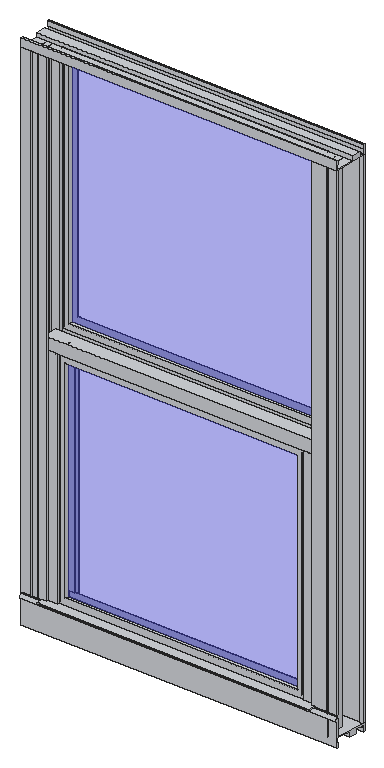
Revit family "4410_Single Hung Contemporary", category Windows, host Wall, Revit 2023
Family settings
  Host = Wall
  OmniClass Number = 23.30.20.00
  OmniClass Title = Windows
  Always vertical = Yes
  Cut with Voids When Loaded = No
  Shared = No
  Room Calculation Point = No
Parameters
  Vent Width = Width - 0' 5"  # 2' - 7"
  Vent Opening [instance] = 0' - 0"
  Vent Height = (Keep Rail Mid - 0' 0 11/16")  # 2' - 4 17/64"
  Keep Rail Mid = (Height - 0' 2 3/32") / 2  # 2' - 4 61/64"
  Height = 5' - 0"
  Glass Material = Glass
  Frame Material = none
  Depth From Exterior = 0' - 1"
  Default Sill Height = 3' - 0"
  Wall Closure = By host
  Width = 3' - 0"
Reference planes (in)
  plane 1 "Center (Front/Back)": y = 0
  plane 2: z = 0
  plane 3 "Center (Left/Right)": x = 0
  plane 4 "Left": x = -18
  plane 5 "Right": x = 18
  plane 6 "Sill": z = 36
  plane 7 "Top": z = 96
  plane 8: y = 2
  plane 9: y = -2
  plane 10: y = 3
  plane 11: y = 2
  plane 12: y = -2
  plane 13: y = 2
  plane 14: y = -1.9425
  plane 15: y = 2
  plane 16: y = -1.9425
  plane 17: y = 1.73
  plane 18: y = 1.73
  plane 19: y = -0.098
  plane 20: y = -1.815
  plane 21: y = -2
  plane 22: x = 18
  plane 23: y = -1.815
  plane 24: y = -2
  plane 25: x = -18
  plane 26: y = 1.73
  plane 27: y = 1.668
  plane 28: x = 14.375
  plane 29: x = 15.125
  plane 30: x = -15.125
  plane 31: x = 15.125
  plane 32: x = -15.125
  plane 33: x = -14.375
  plane 34: y = -0.04
  plane 35: y = -0.04
  plane 36: y = 1.35458
  plane 37: y = 0.278
  plane 38: y = 0.65599
  plane 39: y = 0.278
  plane 40: z = 39.35032
  plane 41: z = 39.35032
  plane 42: y = -0.098
  plane 43: y = -0.17093
  plane 44: y = -0.17093
  plane 45: z = 64.95313
  plane 46: z = 67.06013
  plane 47: y = 1.668
  plane 48: y = 0.668
Forms (in)
  Sweep 1, solid
    path origin (0, 0, 0) x (1, 0, 0) y (0, 0, 1)
      loop
        line (-18, 36) -> (18, 36)
    profile origin (0, 0, 36) x (0, 0, 1) y (0, -1, 0)
      loop
        line (3.35032, 1.93) -> (3.35032, 2) -> (3.25535, 2) -> (2.82032, 2.15834) -> (2.86275, 2) -> (0, 2) -> (0, 1.815) -> (0.434, 1.815) -> (0.434, 1.905) -> (1.02817, 1.905) -> (1.01924, 1.803) -> (0.98503, 1.803) -> (0.98503, 1.40236) -> (0.97984, 1.35262) -> (0.8769, 0.176) -> (0.3477, 0.176) -> (0.3477, -0.682) -> (0.80183, -0.682) -> (0.73893, -1.401) -> (0.70751, -1.401) -> (0.70751, -1.76016) -> (0.69483, -1.905) -> (0.434, -1.905) -> (0.434, -1.815) -> (0, -1.815) -> (0, -2) -> (0.812, -2) -> (1.15102, 1.875) -> (2.86019, 1.875) -> (2.88519, 1.85) -> (2.965, 1.85) -> (2.965, 1.93) -> (3.35032, 1.93)
  Sweep 2, solid
    path origin (0, 0, 0) x (1, 0, 0) y (0, 0, 1)
      loop
        line (18, 96) -> (-18, 96)
    profile origin (0, 0, 96) x (0, 0, -1) y (0, -1, 0)
      loop
        line (0, -2) -> (1, -2) -> (1, -0.529) -> (1, 2) -> (0, 2) -> (0, 1.815) -> (0.434, 1.815) -> (0.434, 1.938) -> (0.938, 1.938) -> (0.938, -0.296) -> (0.501, -0.296) -> (0.501, -1.351) -> (0.938, -1.351) -> (0.938, -1.938) -> (0.434, -1.938) -> (0.434, -1.815) -> (0, -1.815) -> (0, -2)
  Sweep 3, solid
    path origin (0, 0, 0) x (1, 0, 0) y (0, 0, 1)
      loop
        line (18, 95) -> (18, 36.812)
    profile origin (18, 0, 65.906) x (0, -1, 0) y (1, 0, 0)
      loop
        line (-2, 0) -> (-2, -2.875) -> (0.04, -2.875) -> (0.04, -1.837) -> (0.241, -1.837)
        arc (0.241, -1.837) -> (0.2885, -1.7895) -> (0.241, -1.742) r 0.0475
        line (0.241, -1.742) -> (0.04, -1.742) -> (0.04, -1.125) -> (1.85, -1.125) -> (1.85, -1.742) -> (1.649, -1.742)
        arc (1.649, -1.742) -> (1.6015, -1.7895) -> (1.649, -1.837) r 0.0475
        line (1.649, -1.837) -> (1.85, -1.837) -> (1.85, -2.875) -> (1.9425, -2.875) -> (1.9425, -1.0325) -> (1.85, -1.0325) -> (-0.0525, -1.0325) -> (-0.0525, -2.7825) -> (-0.278, -2.7825) -> (-0.278, -2.376) -> (-1.351, -2.376) -> (-1.351, -2.7825) -> (-1.9075, -2.7825) -> (-1.9075, -0.434) -> (-1.815, -0.434) -> (-1.815, 0) -> (-2, 0)
  Sweep 4, solid
    path origin (0, 0, 0) x (1, 0, 0) y (0, 0, 1)
      loop
        line (-18, 95) -> (-18, 36.812)
    profile origin (-18, 0, 65.906) x (0, -1, 0) y (1, 0, 0)
      loop
        line (-2, 0) -> (-1.815, 0) -> (-1.815, 0.434) -> (-1.9075, 0.434) -> (-1.9075, 2.7825) -> (-1.351, 2.7825) -> (-1.351, 2.376) -> (-0.278, 2.376) -> (-0.278, 2.7825) -> (-0.0525, 2.7825) -> (-0.0525, 1.0325) -> (1.9425, 1.0325) -> (1.9425, 2.875) -> (1.85, 2.875) -> (1.85, 1.837) -> (1.649, 1.837)
        arc (1.649, 1.837) -> (1.6015, 1.7895) -> (1.649, 1.742) r 0.0475
        line (1.649, 1.742) -> (1.85, 1.742) -> (1.85, 1.125) -> (0.04, 1.125) -> (0.04, 1.742) -> (0.241, 1.742)
        arc (0.241, 1.742) -> (0.2885, 1.7895) -> (0.241, 1.837) r 0.0475
        line (0.241, 1.837) -> (0.04, 1.837) -> (0.04, 2.875) -> (-2, 2.875) -> (-2, 0)
  Sweep 5, solid
    path origin (0, 0, 0) x (1, 0, 0) y (0, 0, 1)
      loop
        line (15.125, 66.31013) -> (-15.125, 66.31013)
    profile origin (0, 0, 66.31013) x (0, 0, -1) y (0, -1, 0)
      loop
        line (1.357, -1.73) -> (1.357, -1.167) -> (1.826, -1.167)
        arc (1.826, -1.167) -> (1.857, -1.136) -> (1.826, -1.105) r 0.031
        line (1.826, -1.105) -> (1.357, -1.105) -> (1.357, 0.098) -> (0.931, 0.098) -> (0.931, 0.015) -> (1.295, 0.015) -> (1.295, -0.12) -> (0.905, -0.12) -> (0.905, -0.727) -> (0.535, -0.727) -> (0.535, -0.27781) -> (0, -0.27781) -> (0, -1.73) -> (1.357, -1.73)
  Sweep 6, solid
    path origin (0, 0.11843, 0) x (0, 1, 0) y (0, 0, 1)
      loop
        line (-1.97346, 95) -> (-1.97346, 39.35032)
    profile origin (0, -1.85502, 67.17516) x (1, 0, 0) y (0, 1, 0)
      loop
        line (16.875, -0.14498) -> (18, -0.14498) -> (18, 0.04002) -> (17.566, 0.04002) -> (17.566, -0.05248) -> (16.9675, -0.05248) -> (16.9675, -0.08748) -> (16.875, -0.08748) -> (16.875, -0.14498)
  Sweep 7, solid
    path origin (0, 0, 0) x (0, 1, 0) y (0, 0, 1)
      loop
        line (-1.96855, 39.35032) -> (-1.96855, 95)
    profile origin (0, -1.96855, 67.17516) x (0, -1, 0) y (1, 0, 0)
      loop
        line (0.03145, -18) -> (0.03145, -16.875) -> (-0.02605, -16.875) -> (-0.02605, -16.9675) -> (-0.06105, -16.9675) -> (-0.06105, -17.566) -> (-0.15355, -17.566) -> (-0.15355, -18) -> (0.03145, -18)
  Sweep 8, solid
    path origin (0, 0, 0) x (1, 0, 0) y (0, 0, 1)
      loop
        line (15.125, 66.31013) -> (15.125, 95.062) -> (-15.2175, 95.062) -> (-15.2175, 66.31013) -> (15.125, 66.31013)
    profile origin (-0.04625, 0, 66.31013) x (0, 0, -1) y (0, -1, 0)
      loop
        line (0, -1.668) -> (-0.75, -1.668) -> (-0.75, -1.73) -> (0, -1.73) -> (0, -1.668)
  Sweep 9, solid
    path origin (0, 0, 0) x (0, 1, 0) y (0, 0, 1)
      loop
        line (1.73, 64.95313) -> (1.73, 36.812)
    profile origin (0, 1.73, 50.88256) x (1, 0, 0) y (0, 1, 0)
      loop
        line (14.375, 0) -> (14.375, -0.0925) -> (15.125, -0.0925) -> (15.125, 0) -> (14.375, 0)
  Sweep 10, solid
    path origin (0, 0, 0) x (0, 1, 0) y (0, 0, 1)
      loop
        line (1.73, 36.812) -> (1.73, 64.95313)
    profile origin (0, 1.73, 50.88256) x (0, -1, 0) y (1, 0, 0)
      loop
        line (0, -15.125) -> (0.0925, -15.125) -> (0.0925, -14.375) -> (0, -14.375) -> (0, -15.125)
  Sweep 11, solid
    path origin (0, 0, 0) x (1, 0, 0) y (0, 0, 1)
      loop
        line (15.125, 36.812) -> (-14.375, 36.812)
    profile origin (0.375, 0, 36.812) x (0, 0, -1) y (0, -1, 0)
      loop
        line (-1.58468, 0.04) -> (-1.58468, -0.04) -> (-1.13268, -0.04) -> (-1.13268, -0.239)
        arc (-1.13268, -0.239) -> (-1.02796, -0.54519) -> (-0.75768, -0.72312) r 0.5
        line (-0.75768, -0.72312) -> (-0.75768, -1.136)
        arc (-0.75768, -1.136) -> (-0.7486, -1.15792) -> (-0.72668, -1.167) r 0.031
        line (-0.72668, -1.167) -> (-0.63268, -1.167) -> (-0.63268, -1.315) -> (-0.63268, -1.35458) -> (-0.55268, -1.35458) -> (-0.55268, -1.315) -> (-0.55268, -1.118)
        arc (-0.55268, -1.118) -> (-0.56176, -1.09608) -> (-0.58368, -1.087) r 0.031
        line (-0.58368, -1.087) -> (-0.67768, -1.087) -> (-0.67768, -0.739) -> (-0.376, -0.739) -> (-0.376, -0.927) -> (0, -0.927) -> (0, -0.572) -> (-0.175, -0.572) -> (-0.175, -0.659) -> (-0.63268, -0.659)
        arc (-0.63268, -0.659) -> (-0.92966, -0.53598) -> (-1.05268, -0.239) r 0.42
        line (-1.05268, -0.239) -> (-1.05268, 0.009)
        arc (-1.05268, 0.009) -> (-1.06176, 0.03092) -> (-1.08368, 0.04) r 0.031
        line (-1.08368, 0.04) -> (-1.58468, 0.04)
  Sweep 12, solid
    path origin (0, 0, 0) x (1, 0, 0) y (0, 0, 1)
      loop
        line (-15.125, 66.31013) -> (15.125, 66.31013) -> (15.125, 95.062) -> (-15.125, 95.062) -> (-15.125, 66.31013)
    profile origin (0, 0, 66.31013) x (0, 0, 1) y (0, -1, 0)
      loop
        line (0, -0.278) -> (0, -0.426) -> (0.031, -0.426)
        arc (0.031, -0.426) -> (0.05292, -0.41692) -> (0.062, -0.395) r 0.031
        line (0.062, -0.395) -> (0.062, -0.34) -> (0.31404, -0.34) -> (0.31404, -0.65599) -> (0.75, -0.65599) -> (0.75, -0.278) -> (0, -0.278)
  Sweep 13, solid, material "Glass" <- "Glass Material"
    path origin (0, 0, 0) x (0, 1, 0) y (0, 0, 1)
      loop
        line (1.07387, 66.31013) -> (1.07387, 95)
    profile origin (0, 1.07387, 80.65506) x (0, -1, 0) y (1, 0, 0)
      loop
        line (-0.59413, -15.125) -> (-0.34413, -15.125) -> (-0.34413, 15.125) -> (-0.59413, 15.125) -> (-0.59413, -15.125)
      loop
        line (0.15587, -15.125) -> (0.40587, -15.125) -> (0.40587, 15.125) -> (0.15587, 15.125) -> (0.15587, -15.125)
Lines and regions (in)
  Opening 1
    outline origin (-60, -3, 0) x (1, 0, 0) y (0, 0, 1)
      loop
        line (42, 96) -> (42, 36) -> (78, 36) -> (78, 96) -> (42, 96)
Text (in)
  text "EXTERIOR" at (-58.6888, 50.90694, 0), in view "Ref. Level"
  text "INTERIOR" at (-58.6888, -37.76638, 0), in view "Ref. Level"
  text "Exterior" at (0, 43.65631, 123.19604), in view "Left"
  text "Exterior" at (0, 18.29385, 125.04747), in view "Right"
Dimensions and locks (in)
  equal spacing: plane 4 "Left", plane 3 "Center (Left/Right)", plane 5 "Right"
  "Height": plane 6 "Sill" to plane 7 "Top"
  "Default Sill Height": plane 2 to plane 6 "Sill"
  locked: plane 8 to plane 9 at 4
  locked: plane 11 to plane 12 at 4
  locked: plane 13 to plane 14 at 3.9425
  locked: plane 16 to plane 15 at 3.9425
  locked: plane 15 to plane 17 at 0.27
  locked: plane 18 to plane 19 at 1.828
  locked: plane 20 to plane 21 at 0.185
  locked: plane 24 to plane 23 at 0.185
  locked: plane 26 to plane 27 at 0.062
  locked: plane 28 to plane 29 at 0.75
  locked: plane 31 to plane 22 at 2.875
  locked: plane 25 to plane 30 at 2.875
  locked: plane 32 to plane 33 at 0.75
  "Width": plane 22 to plane 25
  "Depth From Exterior": plane 10 to plane 15
  locked: plane 15 to plane 34 at 2.04
  locked: plane 36 to plane 35 at 1.39458
  locked: plane 15 to plane 37 at 1.722
  locked: plane 38 to plane 39 at 0.37799
  "Vent Opening": plane 40 to plane 41
  locked: plane 41 to plane 6 "Sill" at 3.35032
  locked: plane 42 to plane 43 at 0.07293
  locked: plane 45 to plane 46 at 2.107
  "Keep Rail Mid": plane 6 "Sill" to plane 45
  locked: plane 47 to plane 48 at 1
  aligned and locked: plane 7 "Top" to Opening 1 sketch curve
  aligned and locked: plane 6 "Sill" to Opening 1 sketch curve  (x2)
  aligned and locked: plane 5 "Right" to Opening 1 sketch curve
  aligned and locked: plane 4 "Left" to Opening 1 sketch curve
  aligned and locked: level to plane 2
  aligned and locked: plane 4 "Left" to Sweep 1 sketch curve
  aligned and locked: plane 5 "Right" to Sweep 1 sketch curve
  aligned and locked: plane 6 "Sill" to Sweep 1 sketch curve
  aligned and locked: plane 8 to Sweep 1
  aligned and locked: plane 9 to Sweep 1
  aligned and locked: plane 10 to host wall
  aligned and locked: plane 5 "Right" to Sweep 2 sketch curve
  aligned and locked: plane 4 "Left" to Sweep 2 sketch curve
  aligned and locked: plane 7 "Top" to Sweep 2 sketch curve
  aligned and locked: plane 11 to Sweep 2
  aligned and locked: plane 12 to Sweep 2
  aligned and locked: plane 8 to plane 11
  aligned and locked: Sweep 1 to Sweep 3 sketch curve
  aligned and locked: Sweep 3 sketch curve to plane 5 "Right"
  aligned and locked: plane 13 to Sweep 3
  aligned and locked: plane 14 to Sweep 3
  aligned and locked: plane 13 to plane 8
  aligned and locked: Sweep 3 sketch curve to Sweep 2
  aligned and locked: Sweep 1 to Sweep 4 sketch curve
  aligned and locked: Sweep 2 to Sweep 4 sketch curve
  aligned and locked: Sweep 4 sketch curve to plane 4 "Left"
  aligned and locked: plane 15 to Sweep 4
  aligned and locked: plane 16 to Sweep 4
  aligned and locked: plane 8 to plane 15
  aligned and locked: Sweep 3 to Sweep 5 sketch curve
  aligned and locked: Sweep 4 to Sweep 5 sketch curve
  aligned and locked: plane 18 to Sweep 5
  aligned and locked: plane 19 to Sweep 5
  aligned and locked: plane 17 to plane 18
  aligned and locked: Sweep 1 to Sweep 6 sketch curve
  aligned and locked: Sweep 2 to Sweep 6 sketch curve
  aligned and locked: plane 22 to Sweep 6
  aligned and locked: Sweep 6 to plane 20
  aligned and locked: plane 21 to Sweep 6
  aligned and locked: plane 22 to plane 5 "Right"
  aligned and locked: plane 21 to plane 9
  aligned and locked: Sweep 2 to Sweep 7 sketch curve
  aligned and locked: Sweep 1 to Sweep 7 sketch curve
  aligned and locked: plane 23 to Sweep 7
  aligned and locked: plane 24 to Sweep 7
  aligned and locked: plane 25 to Sweep 7
  aligned and locked: plane 25 to plane 4 "Left"
  aligned and locked: plane 9 to plane 24
  aligned and locked: Sweep 8 sketch curve to Sweep 5
  aligned and locked: Sweep 8 sketch curve to Sweep 3
  aligned and locked: Sweep 2 to Sweep 8 sketch curve
  aligned and locked: Sweep 4 to Sweep 8 sketch curve
  aligned and locked: plane 26 to Sweep 8
  aligned and locked: plane 27 to Sweep 8
  aligned and locked: plane 18 to plane 26
  aligned and locked: Sweep 4 to Sweep 9 sketch curve
  aligned and locked: Sweep 5 to Sweep 9 sketch curve
  aligned and locked: Sweep 9 sketch curve to plane 18
  aligned and locked: plane 28 to Sweep 9
  aligned and locked: plane 29 to Sweep 9
  aligned and locked: plane 30 to Sweep 4
  aligned and locked: plane 31 to Sweep 3
  aligned and locked: plane 31 to plane 29
  aligned and locked: Sweep 5 to Sweep 10 sketch curve
  aligned and locked: Sweep 4 to Sweep 10 sketch curve
  aligned and locked: plane 17 to Sweep 10 sketch curve
  aligned and locked: plane 32 to Sweep 10
  aligned and locked: plane 33 to Sweep 10
  aligned and locked: plane 30 to plane 32
  aligned and locked: plane 31 to Sweep 11 sketch curve
  aligned and locked: plane 33 to Sweep 11 sketch curve
  aligned and locked: Sweep 1 to Sweep 11 sketch curve
  aligned and locked: plane 35 to Sweep 11
  aligned and locked: plane 36 to Sweep 11
  aligned and locked: plane 34 to plane 35
  aligned and locked: Sweep 12 sketch curve to Sweep 5
  aligned and locked: Sweep 12 sketch curve to Sweep 4
  aligned and locked: Sweep 2 to Sweep 12 sketch curve
  aligned and locked: Sweep 12 sketch curve to Sweep 3
  aligned and locked: Sweep 4 to plane 37
  aligned and locked: plane 38 to Sweep 12
  aligned and locked: Sweep 12 to plane 39
  aligned and locked: plane 37 to plane 39
  aligned and locked: plane 41 to Sweep 7
  aligned and locked: plane 42 to Sweep 5
  aligned and locked: plane 44 to nested 1
  aligned and locked: plane 43 to plane 44
  aligned and locked: nested 1 to plane 40
  aligned and locked: plane 45 to Sweep 5
  aligned and locked: plane 46 to Sweep 8
  aligned and locked: Sweep 2 to Sweep 13 sketch curve
  aligned and locked: Sweep 5 to Sweep 13 sketch curve
  aligned and locked: Sweep 13 sketch curve to plane 32  (x2)
  aligned and locked: plane 31 to Sweep 13 sketch curve  (x2)
  aligned and locked: plane 47 to Sweep 13
  aligned and locked: plane 48 to Sweep 13
  aligned and locked: plane 27 to plane 47
Automatic sketch dimensions
  Sweep 1 sketch curve to profile plane = 0' - 0"
  Sweep 1 sketch curve to Sweep 1 sketch curve = 0' - 0"
  Sweep 1 sketch curve to Sweep 1 sketch curve = 0' - 0.3477"
  Sweep 1 sketch curve to Sweep 1 sketch curve = 0' - 0.434"  (x2)
  Sweep 1 sketch curve to Sweep 1 sketch curve = 0' - 0.26083"
  Sweep 1 sketch curve to Sweep 1 sketch curve = 0' - 0.27351"
  Sweep 1 sketch curve to Sweep 1 sketch curve = 0' - 0.03142"
  Sweep 1 sketch curve to Sweep 1 sketch curve = 0' - 0.45413"
  Sweep 1 sketch curve to Sweep 1 sketch curve = 0' - 0.11717"
  Sweep 1 sketch curve to Sweep 1 sketch curve = 0' - 0.5292"
  Sweep 1 sketch curve to Sweep 1 sketch curve = 0' - 0.54584"
  Sweep 1 sketch curve to Sweep 1 sketch curve = 0' - 0.0052"
  Sweep 1 sketch curve to Sweep 1 sketch curve = 0' - 0.03421"
  Sweep 1 sketch curve to Sweep 1 sketch curve = 0' - 0.00892"
  Sweep 1 sketch curve to Sweep 1 sketch curve = 0' - 0.12285"
  Sweep 1 sketch curve to Sweep 1 sketch curve = 0' - 1.66931"
  Sweep 1 sketch curve to Sweep 1 sketch curve = 0' - 0.03987"
  Sweep 1 sketch curve to Sweep 1 sketch curve = 0' - 0.00256"
  Sweep 1 sketch curve to Sweep 1 sketch curve = 0' - 0.025"
  Sweep 1 sketch curve to Sweep 1 sketch curve = 0' - 0.07981"
  Sweep 1 sketch curve to Sweep 1 sketch curve = 0' - 0.29035"
  Sweep 1 sketch curve to Sweep 1 sketch curve = 0' - 0.09497"
  Sweep 1 sketch curve to plane 1 "Center (Front/Back)" = 0' - 2"
  Sweep 1 sketch curve to Sweep 1 sketch curve = 0' - 0.095"
  Sweep 1 sketch curve to Sweep 1 sketch curve = 0' - 0.09"
  Sweep 1 sketch curve to Sweep 1 sketch curve = 0' - 0.14484"
  Sweep 1 sketch curve to Sweep 1 sketch curve = 0' - 0.35916"
  Sweep 1 sketch curve to Sweep 1 sketch curve = 0' - 0.719"
  Sweep 1 sketch curve to Sweep 1 sketch curve = 0' - 0.858"
  Sweep 1 sketch curve to Sweep 1 sketch curve = 0' - 1.17662"
  Sweep 1 sketch curve to Sweep 1 sketch curve = 0' - 0.04974"
  Sweep 1 sketch curve to Sweep 1 sketch curve = 0' - 0.40064"
  Sweep 1 sketch curve to Sweep 1 sketch curve = 0' - 0.012"
  Sweep 1 sketch curve to Sweep 1 sketch curve = 0' - 0.047"
  Sweep 1 sketch curve to Sweep 1 sketch curve = 0' - 0.072"
  Sweep 1 sketch curve to Sweep 1 sketch curve = 0' - 0.102"
  Sweep 1 sketch curve to Sweep 1 sketch curve = 0' - 0.185"
  Sweep 1 sketch curve to Sweep 1 sketch curve = 0' - 0.15"
  Sweep 1 sketch curve to Sweep 1 sketch curve = 0' - 0.15834"
  Sweep 1 sketch curve to Sweep 1 sketch curve = 0' - 0.08"
  Sweep 2 sketch curve to profile plane = 0' - 0"
  Sweep 2 sketch curve to Sweep 2 sketch curve = 0' - 0.434"  (x3)
  Sweep 2 sketch curve to Sweep 2 sketch curve = 0' - 0.067"
  Sweep 2 sketch curve to Sweep 2 sketch curve = 0' - 0.437"  (x2)
  Sweep 2 sketch curve to Sweep 2 sketch curve = 0' - 0.062"  (x3)
  Sweep 2 sketch curve to plane 1 "Center (Front/Back)" = 0' - 2"
  Sweep 2 sketch curve to Sweep 2 sketch curve = 0' - 0.123"  (x2)
  Sweep 2 sketch curve to Sweep 2 sketch curve = 0' - 0.587"
  Sweep 2 sketch curve to Sweep 2 sketch curve = 0' - 0.822"
  Sweep 2 sketch curve to Sweep 2 sketch curve = 0' - 0.233"
  Sweep 2 sketch curve to Sweep 2 sketch curve = 0' - 2.111"
  Sweep 3 sketch curve to profile plane = 0' - 0"
  profile plane to Sweep 3 sketch curve = 0' - 2 7/8"
  Sweep 3 sketch curve to plane 1 "Center (Front/Back)" = 0' - 2"
  Sweep 3 sketch curve to Sweep 3 sketch curve = 0' - 0.0925"  (x5)
  Sweep 3 sketch curve to Sweep 3 sketch curve = 0' - 0.185"
  Sweep 3 sketch curve to Sweep 3 sketch curve = 0' - 0.5565"
  Sweep 3 sketch curve to Sweep 3 sketch curve = 0' - 1.073"
  Sweep 3 sketch curve to Sweep 3 sketch curve = 0' - 0.2255"
  Sweep 3 sketch curve to Sweep 3 sketch curve = 0' - 0.318"
  Sweep 3 sketch curve to Sweep 3 sketch curve = 0' - 0.201"  (x2)
  Sweep 3 sketch curve to Sweep 3 sketch curve = 0' - 1.408"
  Sweep 3 sketch curve to Sweep 3 sketch curve = 0' - 0"  (x4)
  Sweep 3 sketch curve to Sweep 3 sketch curve = 0' - 0.4065"
  Sweep 3 sketch curve to Sweep 3 sketch curve = 0' - 1.038"
  Sweep 3 sketch curve to Sweep 3 sketch curve = 0' - 0.539"
  Sweep 3 sketch curve to Sweep 3 sketch curve = 0' - 0.0475"  (x2)
  Sweep 3 sketch curve to Sweep 3 sketch curve = 0' - 0.617"
  profile plane to Sweep 3 sketch curve = 0' - 0.434"
  Sweep 4 sketch curve to Sweep 4 sketch curve = 0' - 0.0925"  (x6)
  Sweep 4 sketch curve to Sweep 4 sketch curve = 0' - 0.185"
  Sweep 4 sketch curve to Sweep 4 sketch curve = 0' - 0.5565"
  Sweep 4 sketch curve to Sweep 4 sketch curve = 0' - 1.073"
  Sweep 4 sketch curve to Sweep 4 sketch curve = 0' - 0.2255"
  Sweep 4 sketch curve to Sweep 4 sketch curve = 0' - 0.201"  (x2)
  Sweep 4 sketch curve to Sweep 4 sketch curve = 0' - 1.408"
  Sweep 4 sketch curve to Sweep 4 sketch curve = 0' - 0"
  Sweep 4 sketch curve to profile plane = 0' - 0"
  Sweep 4 sketch curve to Sweep 4 sketch curve = 0' - 0.434"
  Sweep 4 sketch curve to Sweep 4 sketch curve = 0' - 0.5985"
  Sweep 4 sketch curve to Sweep 4 sketch curve = 0' - 0.617"  (x2)
  Sweep 4 sketch curve to Sweep 4 sketch curve = 0' - 0.0475"  (x2)
  Sweep 4 sketch curve to Sweep 4 sketch curve = 0' - 0.539"
  Sweep 4 sketch curve to Sweep 4 sketch curve = 0' - 0.4065"  (x2)
  Sweep 4 sketch curve to Sweep 4 sketch curve = 0' - 1.038"
  Sweep 4 sketch curve to plane 1 "Center (Front/Back)" = 0' - 2"
  plane 7 "Top" to Sweep 5 sketch curve = 2' - 5.68987"
  Sweep 6 sketch curve to plane 9 = 0' - 0.14498"
  plane 3 "Center (Left/Right)" to Sweep 6 sketch curve = 1' - 4 7/8"
  Sweep 6 sketch curve to Sweep 6 sketch curve = 0' - 0.691"
  Sweep 6 sketch curve to Sweep 6 sketch curve = 0' - 0.434"
  profile plane to Sweep 6 sketch curve = 0' - 0.14498"
  Sweep 6 sketch curve to Sweep 6 sketch curve = 0' - 0.0575"
  Sweep 6 sketch curve to Sweep 6 sketch curve = 0' - 0.0925"  (x2)
  Sweep 6 sketch curve to Sweep 6 sketch curve = 0' - 0.185"
  Sweep 7 sketch curve to plane 14 = 0' - 0.02605"
  profile plane to Sweep 7 sketch curve = 0' - 0.15355"
  Sweep 7 sketch curve to Sweep 7 sketch curve = 0' - 0.0925"  (x2)
  Sweep 7 sketch curve to Sweep 7 sketch curve = 0' - 0.035"
  Sweep 7 sketch curve to Sweep 7 sketch curve = 0' - 0.0575"
  Sweep 7 sketch curve to plane 3 "Center (Left/Right)" = 1' - 6"
  Sweep 7 sketch curve to Sweep 7 sketch curve = 0' - 0.434"
  Sweep 7 sketch curve to Sweep 7 sketch curve = 0' - 0.5985"
  profile plane to Sweep 8 sketch curve = 0' - 0 3/4"
  Sweep 8 sketch curve to Sweep 8 sketch curve = 0' - 0 3/4"
  Sweep 8 sketch curve to plane 1 "Center (Front/Back)" = 0' - 1.73"
  Sweep 8 sketch curve to Sweep 8 sketch curve = 0' - 0.062"
  Sweep 5 sketch curve to profile plane = 0' - 0"
  Sweep 5 sketch curve to profile plane = 0' - 0.535"
  Sweep 5 sketch curve to Sweep 5 sketch curve = 0' - 0.37"
  Sweep 5 sketch curve to Sweep 5 sketch curve = 0' - 0.026"
  Sweep 5 sketch curve to Sweep 5 sketch curve = 0' - 0.364"
  Sweep 5 sketch curve to Sweep 5 sketch curve = 0' - 0.469"
  Sweep 5 sketch curve to plane 1 "Center (Front/Back)" = 0' - 1.73"
  Sweep 5 sketch curve to Sweep 5 sketch curve = 0' - 0.563"
  Sweep 5 sketch curve to Sweep 5 sketch curve = 0' - 0.031"
  Sweep 5 sketch curve to Sweep 5 sketch curve = 0' - 0.378"
  Sweep 5 sketch curve to Sweep 5 sketch curve = 0' - 0.44919"
  Sweep 5 sketch curve to plane 1 "Center (Front/Back)" = 0' - 0.12"
  Sweep 5 sketch curve to Sweep 5 sketch curve = 0' - 0.135"
  Sweep 5 sketch curve to Sweep 5 sketch curve = 0' - 0.083"
  Sweep 5 sketch curve to Sweep 5 sketch curve = 0' - 0.062"
  Sweep 5 sketch curve to Sweep 5 sketch curve = 0' - 0"
  plane 3 "Center (Left/Right)" to Sweep 9 sketch curve = 1' - 2 3/8"
  Sweep 9 sketch curve to Sweep 9 sketch curve = 0' - 0 3/4"
  profile plane to Sweep 9 sketch curve = 0' - 0.0925"
  Sweep 9 sketch curve to Sweep 9 sketch curve = 0' - 0.0925"
  profile plane to Sweep 10 sketch curve = 0' - 0"
  Sweep 10 sketch curve to Sweep 10 sketch curve = 0' - 0.0925"
  Sweep 10 sketch curve to plane 3 "Center (Left/Right)" = 1' - 3 1/8"
  Sweep 10 sketch curve to Sweep 10 sketch curve = 0' - 0 3/4"
  Sweep 11 sketch curve to Sweep 11 sketch curve = 0' - 0"  (x3)
  Sweep 11 sketch curve to profile plane = 0' - 0"
  profile plane to Sweep 11 sketch curve = 0' - 0.175"
  Sweep 11 sketch curve to Sweep 11 sketch curve = 0' - 0.201"
  Sweep 11 sketch curve to Sweep 11 sketch curve = 0' - 0.17668"
  Sweep 11 sketch curve to Sweep 11 sketch curve = 0' - 0.031"  (x3)
  Sweep 11 sketch curve to Sweep 11 sketch curve = 0' - 0.25668"
  Sweep 11 sketch curve to Sweep 11 sketch curve = 0' - 0.045"
  Sweep 11 sketch curve to Sweep 11 sketch curve = 0' - 0.049"  (x4)
  Sweep 11 sketch curve to Sweep 11 sketch curve = 0' - 0.42"
  Sweep 11 sketch curve to Sweep 11 sketch curve = 0' - 0.452"
  Sweep 11 sketch curve to plane 1 "Center (Front/Back)" = 0' - 1.35458"
  Sweep 11 sketch curve to Sweep 11 sketch curve = 0' - 0.03958"  (x2)
  Sweep 11 sketch curve to Sweep 11 sketch curve = 0' - 0.148"
  Sweep 11 sketch curve to Sweep 11 sketch curve = 0' - 0.191"
  Sweep 11 sketch curve to Sweep 11 sketch curve = 0' - 0.348"
  Sweep 11 sketch curve to Sweep 11 sketch curve = 0' - 0.01588"
  Sweep 11 sketch curve to Sweep 11 sketch curve = 0' - 0.087"
  Sweep 11 sketch curve to Sweep 11 sketch curve = 0' - 0.199"
  Sweep 11 sketch curve to Sweep 11 sketch curve = 0' - 0.174"
  profile plane to Sweep 12 sketch curve = 0' - 0"
  Sweep 12 sketch curve to Sweep 12 sketch curve = 0' - 0.031"  (x2)
  Sweep 12 sketch curve to Sweep 12 sketch curve = 0' - 0.25204"
  Sweep 12 sketch curve to Sweep 12 sketch curve = 0' - 0.43596"
  Sweep 12 sketch curve to plane 1 "Center (Front/Back)" = 0' - 0.65599"
  Sweep 12 sketch curve to Sweep 12 sketch curve = 0' - 0.26099"
  Sweep 12 sketch curve to Sweep 12 sketch curve = 0' - 0.055"
  Sweep 12 sketch curve to Sweep 12 sketch curve = 0' - 0.37799"
  plane 36 to Sweep 13 sketch curve = 0' - 0.28071"
  profile plane to Sweep 13 sketch curve = 0' - 0.59413"
  Sweep 13 sketch curve to Sweep 13 sketch curve = 0' - 0 1/4"  (x2)
  Sweep 13 sketch curve to Sweep 13 sketch curve = 0' - 0 3/4"
Nested families (in)
  nested 1: "4410_Single Hung Vent" at (0, -0.71581, 29.42171), type "4410_Single Hung Vent"
    with Vent Width 2' - 7", Vent Height 2' - 4 17/64"
Definition of nested family "4410_Single Hung Vent"
  Parameters (values of type "4410_Single Hung Vent")
    Vent Width = 3' - 0"
    Vent Height = 2' - 0"
    Vent Glass Material = none
    Vent Frame Material = none
    Default Elevation = 4' - 0"
  Reference planes (in)
    plane 1 "Center (Front/Back)": y = 0
    plane 2: z = 0
    plane 3 "Center (Left/Right)": x = 0
    plane 4: y = -1.04012
    plane 5: x = -18
    plane 6: x = 18
    plane 7: y = 0.56988
    plane 8: y = 0.60988
    plane 9: y = 0.79988
    plane 10: y = 0.56988
    plane 11: y = -1.04012
    plane 12: y = 0.60988
    plane 13: y = 0.45488
    plane 14: y = 0.54488
    plane 15: y = 0.48288
    plane 16: y = 0.54488
    plane 17: y = -1.04012
    plane 18: x = 15.777
    plane 19: x = 16.527
    plane 20: x = 16.527
    plane 21: y = 0.54488
    plane 22: x = -18
    plane 23: x = 18
    plane 24: z = 36.89923
    plane 25: z = 12.89923
    plane 26: y = -0.88512
    plane 27: y = -0.51212
    plane 28: y = -0.88512
    plane 29: x = 16.933
    plane 30: y = 0.54488
    plane 31: y = -1.04012
    plane 32: x = -16.527
    plane 33: x = -18
    plane 34: y = 0.54488
    plane 35: y = 0.48288
    plane 36: x = -15.777
    plane 37: x = -16.527
    plane 38: x = -16.527
    plane 39: x = -18
    plane 40: y = 0.60988
    plane 41: y = 0.45488
    plane 42: y = 0.54488
    plane 43: y = 0.48788
    plane 44: y = -0.51212
  Forms (in)
    Sweep 1, solid
      path origin (0, 0, 0.00084) x (1, 0, 0) y (0, 0, 1)
        loop
          line (-18, 12.8984) -> (18, 12.8984)
      profile origin (0, 0, 12.89923) x (0, 0, 1) y (0, -1, 0)
        loop
          line (0, -0.60988) -> (1.375, -0.60988) -> (1.375, -0.56988) -> (2.125, -0.56988) -> (2.125, -0.50788) -> (1.375, -0.50788) -> (1.375, 2.13212)
          arc (1.375, 2.13212) -> (1.335, 2.17212) -> (1.295, 2.13212) r 0.04
          line (1.295, 2.13212) -> (1.295, 1.04012) -> (0, 1.04012) -> (0, 0.37112) -> (0.85035, 0.37112) -> (0.85035, 0.62419) -> (1.134, 0.62419) -> (1.134, -0.52988) -> (0.47035, -0.52988) -> (0.47035, -0.44179) -> (0, -0.44179) -> (0, -0.60988)
    Sweep 2, solid
      path origin (0, 0, 0) x (1, 0, 0) y (0, 0, 1)
        loop
          line (-18, 36.89923) -> (18, 36.89923)
      profile origin (0, 0, 36.89923) x (0, 0, 1) y (0, -1, 0)
        loop
          line (-2.125, -0.56988) -> (-0.925, -0.56988) -> (-0.925, -0.71988) -> (-1.29324, -0.71988) -> (-1.29324, -0.79988) -> (-0.845, -0.79988) -> (-0.845, -0.48988) -> (-1.29324, -0.48988) -> (-1.29324, -0.21293) -> (-0.845, -0.21293) -> (-0.845, -0.00288) -> (-0.47, -0.00288) -> (-0.47, -0.60988) -> (0, -0.60988) -> (0, 1.04012) -> (-1.375, 1.04012) -> (-1.375, -0.50788) -> (-2.125, -0.50788) -> (-2.125, -0.56988)
    Sweep 3, solid
      path origin (0, 1.66189, 0) x (0, 1, 0) y (0, 0, 1)
        loop
          line (0.5893, 14.27423) -> (0.5893, 35.97423)
      profile origin (0, 2.25118, 25.12423) x (0, -1, 0) y (1, 0, 0)
        loop
          line (1.64131, 16.527) -> (1.70631, 16.527) -> (1.70631, 17.486) -> (1.79631, 17.486) -> (1.79631, 18) -> (1.64131, 18) -> (1.64131, 16.527)
    Sweep 4, solid
      path origin (0, 0, 0) x (0, 1, 0) y (0, 0, 1)
        loop
          line (0.51554, 15.02423) -> (0.51554, 34.77423)
      profile origin (0, 0.51554, 24.89923) x (0, -1, 0) y (1, 0, 0)
        loop
          line (-0.02934, 15.777) -> (0.03266, 15.777) -> (0.03266, 16.527) -> (-0.02934, 16.527) -> (-0.02934, 15.777)
    Sweep 5, solid
      path origin (0, 0, 0) x (0, 1, 0) y (0, 0, 1)
        loop
          line (0.17825, 14.27423) -> (0.17825, 35.52423)
      profile origin (0, 0.17825, 24.89923) x (0, -1, 0) y (1, 0, 0)
        loop
          line (-0.36662, 16.607) -> (-0.36662, 16.527) -> (-0.23662, 16.527) -> (-0.23662, 16.592) -> (-0.19362, 16.592) -> (-0.19362, 16.853) -> (0.05038, 16.853) -> (0.05038, 16.527) -> (0.80938, 16.527) -> (1.21838, 16.527) -> (1.21838, 18) -> (1.06338, 18) -> (1.06338, 17.486) -> (1.15338, 17.486) -> (1.15338, 16.607) -> (1.10338, 16.607) -> (1.10338, 16.672) -> (1.06338, 16.672) -> (1.06338, 16.933) -> (-0.27362, 16.933) -> (-0.27362, 16.672) -> (-0.31662, 16.672) -> (-0.31662, 16.607) -> (-0.36662, 16.607)
    Sweep 6, solid
      path origin (0, 0, 0) x (1, 0, 0) y (0, 0, 1)
        loop
          line (-16.527, 14.27423) -> (16.527, 14.27423) -> (16.527, 35.52423) -> (-16.527, 35.52423) -> (-16.527, 14.27423)
      profile origin (0, 0, 14.27423) x (0, 0, 1) y (0, -1, 0)
        loop
          line (0.75, 0.88512) -> (0, 0.88512) -> (0, 0.74212) -> (0.031, 0.74212)
          arc (0.031, 0.74212) -> (0.05292, 0.7512) -> (0.062, 0.77312) r 0.031
          line (0.062, 0.77312) -> (0.062, 0.82812) -> (0.3135, 0.82812) -> (0.3135, 0.51212) -> (0.75, 0.51212) -> (0.75, 0.88512)
    Sweep 7, solid
      path origin (0, -0.83328, 0) x (0, 1, 0) y (0, 0, 1)
        loop
          line (0.5911, 14.27423) -> (0.5911, 35.97423)
      profile origin (0, -0.24218, 25.12423) x (0, -1, 0) y (1, 0, 0)
        loop
          line (-0.85206, -16.527) -> (-0.85206, -18) -> (-0.69706, -18) -> (-0.69706, -17.486) -> (-0.78706, -17.486) -> (-0.78706, -16.527) -> (-0.85206, -16.527)
    Sweep 8, solid
      path origin (0, 0, 0) x (0, 1, 0) y (0, 0, 1)
        loop
          line (0.51774, 15.02423) -> (0.51774, 34.77423)
      profile origin (0, 0.51774, 24.89923) x (0, -1, 0) y (1, 0, 0)
        loop
          line (-0.02713, -16.527) -> (0.03487, -16.527) -> (0.03487, -15.777) -> (-0.02713, -15.777) -> (-0.02713, -16.527)
    Sweep 9, solid
      path origin (0, -0.962, 0) x (0, 1, 0) y (0, 0, 1)
        loop
          line (2.55534, 14.27423) -> (2.55534, 35.52423)
      profile origin (0, 1.59333, 24.89923) x (0, -1, 0) y (1, 0, 0)
        loop
          line (1.04846, -16.607) -> (1.09846, -16.607) -> (1.09846, -16.672) -> (1.14146, -16.672) -> (1.14146, -16.933) -> (2.47546, -16.933) -> (2.47546, -16.672) -> (2.51846, -16.672) -> (2.51846, -16.607) -> (2.56846, -16.607) -> (2.56846, -17.486) -> (2.47846, -17.486) -> (2.47846, -18) -> (2.63346, -18) -> (2.63346, -16.527) -> (1.46546, -16.527) -> (1.46546, -16.853) -> (1.22146, -16.853) -> (1.22146, -16.592) -> (1.17846, -16.592) -> (1.17846, -16.527) -> (1.04846, -16.527) -> (1.04846, -16.607)
    Sweep 10, solid, material <- "Vent Glass Material"
      path origin (0, 0, 0) x (0, 1, 0) y (0, 0, 1)
        loop
          line (-0.2629, 14.27423) -> (-0.2629, 35.52423)
      profile origin (0, -0.2629, 24.89923) x (0, -1, 0) y (1, 0, 0)
        loop
          line (-0.75077, -16.527) -> (-0.50077, -16.527) -> (-0.50077, 16.527) -> (-0.75077, 16.527) -> (-0.75077, -16.527)
        loop
          line (-0.00077, -16.527) -> (0.24923, -16.527) -> (0.24923, 16.527) -> (-0.00077, 16.527) -> (-0.00077, -16.527)
  Cuts and joins
    joined: Sweep 3, Sweep 4, Sweep 5
  Dimensions and locks (in)
    "Vent Width": plane 6 to plane 5
    equal spacing: plane 6, plane 3 "Center (Left/Right)", plane 5
    plane 8 to plane 7 to plane 4 = 0' - 0.04" locked, 0' - 1.61" locked
    plane 9 to plane 10 to plane 11 = 0' - 0.23" locked, 0' - 1.61" locked
    plane 12 to plane 21 to plane 13 = 0' - 0.065" locked, 0' - 0.09" locked
    locked: plane 14 to plane 15 at 0.062
    locked: plane 16 to plane 17 at 1.585
    locked: plane 18 to plane 20 at 0.75
    locked: plane 20 to plane 23 at 1.473
    "Vent Height": plane 24 to plane 25
    locked: plane 12 to plane 26 at 1.495
    locked: plane 27 to plane 28 at 0.373
    locked: plane 29 to plane 6 at 1.067
    locked: plane 33 to plane 32 at 1.473
    locked: plane 30 to plane 31 at 1.585
    locked: plane 34 to plane 35 at 0.062
    locked: plane 37 to plane 36 at 0.75
    locked: plane 39 to plane 38 at 1.473
    plane 40 to plane 42 to plane 41 = 0' - 0.065" locked, 0' - 0.09" locked
    locked: plane 43 to plane 44 at 1
    aligned and locked: plane 2 to level
    aligned and locked: plane 4 to Sweep 1
    aligned and locked: plane 5 to Sweep 1 sketch curve
    aligned and locked: plane 6 to Sweep 1 sketch curve
    aligned and locked: plane 5 to Sweep 2 sketch curve
    aligned and locked: plane 6 to Sweep 2 sketch curve
    aligned and locked: plane 7 to Sweep 1
    aligned and locked: plane 8 to Sweep 1
    aligned and locked: plane 11 to Sweep 2
    aligned and locked: plane 10 to Sweep 2
    aligned and locked: plane 9 to Sweep 2
    aligned and locked: plane 7 to plane 10
    aligned and locked: plane 4 to Sweep 2
    aligned and locked: Sweep 3 sketch curve to Sweep 2
    aligned and locked: Sweep 1 to Sweep 3 sketch curve
    aligned and locked: Sweep 2 to Sweep 4 sketch curve
    aligned and locked: Sweep 1 to Sweep 4 sketch curve
    aligned and locked: Sweep 2 to Sweep 5 sketch curve
    aligned and locked: Sweep 1 to Sweep 5 sketch curve
    aligned and locked: plane 12 to Sweep 3
    aligned and locked: plane 13 to Sweep 3
    aligned and locked: plane 14 to Sweep 4
    aligned and locked: plane 15 to Sweep 4
    aligned and locked: plane 16 to Sweep 5
    aligned and locked: plane 17 to Sweep 5
    aligned and locked: plane 21 to Sweep 3
    aligned and locked: Sweep 4 to plane 18
    aligned and locked: Sweep 4 to plane 20
    aligned and locked: plane 16 to plane 21
    aligned and locked: plane 14 to plane 21
    aligned and locked: Sweep 5 to plane 19
    aligned and locked: plane 20 to plane 19
    aligned and locked: plane 20 to Sweep 3
    aligned and locked: plane 5 to plane 22
    aligned and locked: Sweep 3 to plane 23
    aligned and locked: plane 6 to plane 23
    aligned and locked: plane 12 to plane 8
    aligned and locked: plane 24 to Sweep 2
    aligned and locked: plane 25 to Sweep 1
    aligned and locked: Sweep 6 sketch curve to Sweep 1
    aligned and locked: Sweep 6 sketch curve to Sweep 2
    aligned and locked: Sweep 6 sketch curve to Sweep 5
    aligned and locked: Sweep 6 to plane 27
    aligned and locked: plane 28 to Sweep 6
    aligned and locked: plane 28 to plane 26
    aligned and locked: plane 29 to cut or joined group of Sweep 3, Sweep 4, Sweep 5
    aligned and locked: Sweep 2 to Sweep 7 sketch curve
    aligned and locked: Sweep 7 sketch curve to Sweep 1
    aligned and locked: Sweep 2 to Sweep 8 sketch curve
    aligned and locked: Sweep 1 to Sweep 8 sketch curve
    aligned and locked: Sweep 9 sketch curve to Sweep 2
    aligned and locked: Sweep 1 to Sweep 9 sketch curve
    aligned and locked: Sweep 7 to plane 40
    aligned and locked: Sweep 7 to plane 39
    aligned and locked: Sweep 7 to plane 41
    aligned and locked: Sweep 7 to plane 38
    aligned and locked: Sweep 8 to plane 37
    aligned and locked: Sweep 8 to plane 34
    aligned and locked: Sweep 8 to plane 35
    aligned and locked: Sweep 8 to plane 36
    aligned and locked: Sweep 9 to plane 30
    aligned and locked: plane 32 to Sweep 9
    aligned and locked: plane 33 to Sweep 9
    aligned and locked: Sweep 9 to plane 31
    aligned and locked: plane 5 to plane 33
    aligned and locked: plane 31 to plane 11
    aligned and locked: plane 5 to plane 39
    aligned and locked: Sweep 7 to plane 42
    aligned and locked: plane 30 to plane 42
    aligned and locked: plane 34 to plane 30
    aligned and locked: plane 38 to plane 37
    aligned and locked: Sweep 6 sketch curve to plane 38
    aligned and locked: Sweep 2 to Sweep 10 sketch curve
    aligned and locked: Sweep 1 to Sweep 10 sketch curve
    aligned and locked: Sweep 10 sketch curve to Sweep 9  (x2)
    aligned and locked: cut or joined group of Sweep 3, Sweep 4, Sweep 5 to Sweep 10 sketch curve
    aligned and locked: Sweep 10 sketch curve to cut or joined group of Sweep 3, Sweep 4, Sweep 5
    aligned and locked: plane 43 to Sweep 10
    aligned and locked: plane 44 to Sweep 10
    aligned and locked: plane 27 to plane 44
  Automatic sketch dimensions
    Sweep 1 sketch curve to plane 25 = 0' - 0"
    profile plane to Sweep 1 sketch curve = 0' - 0"  (x2)
    Sweep 1 sketch curve to profile plane = 0' - 0.47035"
    Sweep 1 sketch curve to profile plane = 0' - 0.85035"
    Sweep 1 sketch curve to Sweep 1 sketch curve = 0' - 0.28365"
    Sweep 1 sketch curve to Sweep 1 sketch curve = 0' - 0.161"
    Sweep 1 sketch curve to Sweep 1 sketch curve = 0' - 0.04"  (x2)
    Sweep 1 sketch curve to Sweep 1 sketch curve = 0' - 0"
    Sweep 1 sketch curve to Sweep 1 sketch curve = 0' - 0 3/4"
    Sweep 1 sketch curve to plane 1 "Center (Front/Back)" = 0' - 0.60988"
    Sweep 1 sketch curve to plane 1 "Center (Front/Back)" = 0' - 0.56988"
    Sweep 1 sketch curve to Sweep 1 sketch curve = 0' - 0.062"
    Sweep 1 sketch curve to Sweep 1 sketch curve = 0' - 0.08809"
    plane 1 "Center (Front/Back)" to Sweep 1 sketch curve = 0' - 0.37112"
    Sweep 1 sketch curve to Sweep 1 sketch curve = 0' - 0.25307"
    Sweep 1 sketch curve to Sweep 1 sketch curve = 0' - 0.669"
    Sweep 1 sketch curve to Sweep 1 sketch curve = 0' - 1.092"
    Sweep 2 sketch curve to plane 24 = 0' - 0"
    profile plane to Sweep 2 sketch curve = 0' - 0"
    Sweep 2 sketch curve to Sweep 2 sketch curve = 0' - 0.47"
    Sweep 2 sketch curve to plane 1 "Center (Front/Back)" = 0' - 0.21293"
    Sweep 2 sketch curve to Sweep 2 sketch curve = 0' - 0 3/8"
    Sweep 2 sketch curve to Sweep 2 sketch curve = 0' - 0"  (x2)
    Sweep 2 sketch curve to Sweep 2 sketch curve = 0' - 0.08"  (x2)
    Sweep 2 sketch curve to Sweep 2 sketch curve = 0' - 0.44824"
    Sweep 2 sketch curve to Sweep 2 sketch curve = 0' - 0.53"
    Sweep 2 sketch curve to Sweep 2 sketch curve = 0' - 0 3/4"
    Sweep 2 sketch curve to Sweep 2 sketch curve = 0' - 0.27695"
    Sweep 2 sketch curve to Sweep 2 sketch curve = 0' - 0.018"
    Sweep 2 sketch curve to Sweep 2 sketch curve = 0' - 0.062"
    Sweep 2 sketch curve to plane 1 "Center (Front/Back)" = 0' - 0.60988"
    Sweep 2 sketch curve to Sweep 2 sketch curve = 0' - 0.15"
    Sweep 2 sketch curve to plane 1 "Center (Front/Back)" = 0' - 0.00288"
    plane 1 "Center (Front/Back)" to Sweep 2 sketch curve = 0' - 1.04012"
    Sweep 3 sketch curve to plane 9 = 0' - 1.45131"
    Sweep 3 sketch curve to profile plane = 0' - 1.64131"
    Sweep 3 sketch curve to Sweep 3 sketch curve = 0' - 0.065"
    Sweep 3 sketch curve to Sweep 3 sketch curve = 0' - 0.155"
    plane 3 "Center (Left/Right)" to Sweep 3 sketch curve = 1' - 4.527"
    Sweep 3 sketch curve to Sweep 3 sketch curve = 0' - 0.959"
    Sweep 3 sketch curve to Sweep 3 sketch curve = 0' - 0.514"
    Sweep 4 sketch curve to plane 14 = 0' - 0.02934"
    profile plane to Sweep 4 sketch curve = 0' - 0.02934"
    Sweep 4 sketch curve to profile plane = 0' - 0.03266"
    plane 3 "Center (Left/Right)" to Sweep 4 sketch curve = 1' - 3.777"
    Sweep 4 sketch curve to Sweep 4 sketch curve = 0' - 0 3/4"
    Sweep 5 sketch curve to plane 1 "Center (Front/Back)" = 0' - 0.17825"
    profile plane to Sweep 5 sketch curve = 0' - 0.36662"
    Sweep 5 sketch curve to Sweep 5 sketch curve = 0' - 0.05"  (x2)
    Sweep 5 sketch curve to Sweep 5 sketch curve = 0' - 0.043"  (x2)
    Sweep 5 sketch curve to Sweep 5 sketch curve = 0' - 0.08"  (x3)
    Sweep 5 sketch curve to profile plane = 0' - 0.05038"
    Sweep 5 sketch curve to Sweep 5 sketch curve = 0' - 0.759"
    Sweep 5 sketch curve to profile plane = 0' - 1.06338"
    Sweep 5 sketch curve to Sweep 5 sketch curve = 0' - 0.254"
    Sweep 5 sketch curve to Sweep 5 sketch curve = 0' - 0.04"
    Sweep 5 sketch curve to Sweep 5 sketch curve = 0' - 0.065"  (x4)
    plane 3 "Center (Left/Right)" to Sweep 5 sketch curve = 1' - 4.527"
    Sweep 5 sketch curve to Sweep 5 sketch curve = 0' - 0"
    Sweep 5 sketch curve to Sweep 5 sketch curve = 0' - 0.015"
    Sweep 5 sketch curve to Sweep 5 sketch curve = 0' - 0.326"
    Sweep 5 sketch curve to Sweep 5 sketch curve = 0' - 0.553"
    Sweep 5 sketch curve to Sweep 5 sketch curve = 0' - 0.514"
    profile plane to Sweep 6 sketch curve = 0' - 0"
    Sweep 6 sketch curve to Sweep 6 sketch curve = 0' - 0.031"
    Sweep 6 sketch curve to profile plane = 0' - 0.062"
    Sweep 6 sketch curve to Sweep 6 sketch curve = 0' - 0.2515"
    Sweep 6 sketch curve to Sweep 6 sketch curve = 0' - 0.4365"
    plane 1 "Center (Front/Back)" to Sweep 6 sketch curve = 0' - 0.51212"
    Sweep 6 sketch curve to Sweep 6 sketch curve = 0' - 0.23"
    Sweep 6 sketch curve to Sweep 6 sketch curve = 0' - 0.055"
    Sweep 6 sketch curve to Sweep 6 sketch curve = 0' - 0.057"
    plane 8 to Sweep 7 sketch curve = 0' - 0.85206"
    Sweep 7 sketch curve to plane 3 "Center (Left/Right)" = 1' - 6"
    profile plane to Sweep 7 sketch curve = 0' - 0.85206"
    Sweep 7 sketch curve to Sweep 7 sketch curve = 0' - 0.065"
    Sweep 7 sketch curve to Sweep 7 sketch curve = 0' - 0.155"
    Sweep 7 sketch curve to Sweep 7 sketch curve = 0' - 0.514"
    Sweep 7 sketch curve to Sweep 7 sketch curve = 0' - 0.959"
    Sweep 8 sketch curve to plane 14 = 0' - 0.02713"
    Sweep 8 sketch curve to plane 3 "Center (Left/Right)" = 1' - 3.777"
    Sweep 8 sketch curve to profile plane = 0' - 0.03487"
    Sweep 8 sketch curve to Sweep 8 sketch curve = 0' - 0 3/4"
    Sweep 8 sketch curve to Sweep 8 sketch curve = 0' - 0.062"
    Sweep 9 sketch curve to plane 1 "Center (Front/Back)" = 0' - 1.59333"
    Sweep 9 sketch curve to profile plane = 0' - 1.04846"
    Sweep 9 sketch curve to Sweep 9 sketch curve = 0' - 0.05"  (x2)
    Sweep 9 sketch curve to Sweep 9 sketch curve = 0' - 0.043"  (x2)
    Sweep 9 sketch curve to Sweep 9 sketch curve = 0' - 0.08"  (x4)
    Sweep 9 sketch curve to Sweep 9 sketch curve = 0' - 0.244"
    Sweep 9 sketch curve to Sweep 9 sketch curve = 0' - 1.01"
    Sweep 9 sketch curve to Sweep 9 sketch curve = 0' - 0.003"
    Sweep 9 sketch curve to Sweep 9 sketch curve = 0' - 0.155"
    Sweep 9 sketch curve to plane 3 "Center (Left/Right)" = 1' - 6"
    Sweep 9 sketch curve to Sweep 9 sketch curve = 0' - 0.514"
    Sweep 9 sketch curve to Sweep 9 sketch curve = 0' - 0.553"
    Sweep 9 sketch curve to Sweep 9 sketch curve = 0' - 0.261"
    Sweep 9 sketch curve to Sweep 9 sketch curve = 0' - 0.181"
    Sweep 9 sketch curve to Sweep 9 sketch curve = 0' - 0.065"  (x3)
    Sweep 9 sketch curve to Sweep 9 sketch curve = 0' - 0.015"
    Sweep 10 sketch curve to plane 27 = 0' - 0.24923"
    profile plane to Sweep 10 sketch curve = 0' - 0.75077"
    Sweep 10 sketch curve to Sweep 10 sketch curve = 0' - 0 1/4"  (x2)
    Sweep 10 sketch curve to Sweep 10 sketch curve = 0' - 0 3/4"
